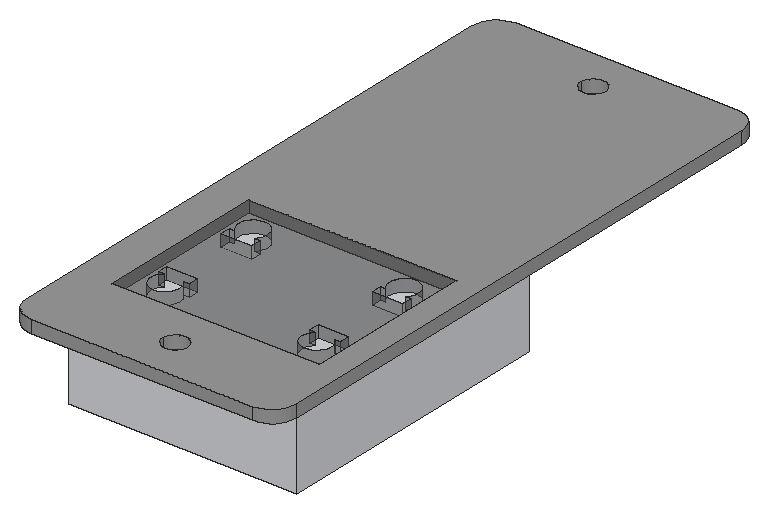
Revit family "ElectricalFixture_WiringAccessories_Hager_Sollysta_FlatPlateShaverSocket", category Electrical Fixtures, host Face, Revit 2015
Parameters (values of type "WFSO100BNB")
  Warranty ID = ""
  Voltage (Volts) = "230V/240V"
  Unique Reference = "WFSO100BNB"
  Type = "ElectricalFixture"
  Technical Description = Description  # "115/230VShaverOutletBlackNickelBlackInsert"
  Switch = yes
  Supply Phase = "1"
  Size = ""
  Shipping Weight kg = "0.188"
  Shape = "Rectangular"
  Reference Standard = "BS 1363-2"
  Product URL = "http://www.hager.co.uk/product-catalogue/wiring-accessories/sollysta/white-moulded/white-moulded-sockets/58428.htm"
  Product Range = "Sollysta"
  Product Model Number = Unique Reference  # "WFSO100BNB"
  Product Literature = "http://www.hager.co.uk/product-catalogue/wiring-accessories/sollysta/38662.htm"
  Product Group = "WiringAccessories"
  Product Family = "DecorativeShaverSocket_115/230VShaverSocket"
  Packaging Recyclable = yes
  Overall Width = 86.0 mm
  Overall Length = 65.0 mm
  Overall Height = 146.0 mm
  Overall Depth = 21.07 mm
  Operation and Maintenance Manual = ""
  Name = "DecorativeShaverSocket_WFSO100PBW"
  Measurement Units = "mm"
  Material = Hager_BlackNickel
  Manufacturer Website = "http://www.hager.co.uk/"
  Manufacturer Country = "United Kingdom"
  Manufacturer = "Hager"
  LED Indicator Switch = yes
  Insert Material = Hager_BlackInsert
  Gross Weight kg = "0.165"
  Frequency = "50/60Hz"
  Finish = "BlackNickel"
  Features = Description  # "115/230VShaverOutletBlackNickelBlackInsert"
  Extrusion From Wall = 3.0 mm  # constant formula
  Expected Life = "25 years"
  EAN Code = "5015654744588"
  Distance From Edge = 63.59 mm
  Distance From Centre = 22.393 mm
  Design Country = "China"
  Description = "115/230VShaverOutletBlackNickelBlackInsert"
  Default Elevation = 1219.2 mm
  Colour = "BlackNickel"
  CE Approval = yes
Types (7, lengths in mm): name | Unique Reference | Technical Description | Product Model Number | Name | Material | Insert Material | Finish | Features | EAN Code | Description | Colour
  WFSO100PSW | "WFSO100PSW" | "115/230VShaverOutletPolishedSteelWhiteInsert" | "WFSO100PSW" | "DecorativeShaverSocket_WFSO100PSW" | Hager_PolishedSteel | Hager_WhiteInsert | "Polished" | "115/230VShaverOutletPolishedSteelWhiteInsert" | "5015654744465" | "115/230VShaverOutletPolishedSteelWhiteInsert" | "PolishedSteel"
  WFSO100BSW | "WFSO100BSW" | "115/230VShaverOutletBrushedSteelWhiteInsert" | "WFSO100BSW" | "DecorativeShaverSocket_WFSO100BSW" | Hager_BrushedSteel | Hager_WhiteInsert | "Brushed" | "115/230VShaverOutletBrushedSteelWhiteInsert" | "5015654744502" | "115/230VShaverOutletBrushedSteelWhiteInsert" | "BrushedSteel"
  WFSO100PBW | "WFSO100PBW" | "115/230VShaverOutletPolishedBrassWhiteInsert" | "WFSO100PBW" | "DecorativeShaverSocket_WFSO100PBW" | Hager_PolishedBrass | Hager_WhiteInsert | "Polished" | "115/230VShaverOutletPolishedBrassWhiteInsert" | "5015654744540" | "115/230VShaverOutletPolishedBrassWhiteInsert" | "PolishedBrass"
  WFSO100BNB | "WFSO100BNB" | "115/230VShaverOutletBlackNickelBlackInsert" | "WFSO100BNB" | "DecorativeShaverSocket_WFSO100PBW" | Hager_BlackNickel | Hager_BlackInsert | "BlackNickel" | "115/230VShaverOutletBlackNickelBlackInsert" | "5015654744588" | "115/230VShaverOutletBlackNickelBlackInsert" | "BlackNickel"
  WFSO100BSB | "WFSO100BSB" | "115/230VShaverOutletBrushedSteelBlackInsert" | "WFSO100BSB" | "DecorativeShaverSocket_WFSO100BSB" | Hager_BrushedSteel | Hager_BlackInsert | "Brushed" | "115/230VShaverOutletBrushedSteelBlackInsert" | "5015654744526" | "115/230VShaverOutletBrushedSteelBlackInsert" | "BrushedSteel"
  WFSO100PBB | "WFSO100PBB" | "115/230VShaverOutletPolishedBrassBlackInsert" | "WFSO100PBB" | "DecorativeShaverSocket_WFSO100PBB" | Hager_PolishedBrass | Hager_BlackInsert | "Polished" | "115/230VShaverOutletPolishedBrassBlackInsert" | "5015654744564" | "115/230VShaverOutletPolishedBrassBlackInsert" | "PolishedBrass"
  WFSO100PSB | "WFSO100PSB" | "115/230VShaverOutletPolishedSteelBlackInsert" | "WFSO100PSB" | "DecorativeShaverSocket_WFSO100PSB" | Hager_PolishedSteel | Hager_WhiteInsert | "Polished" | "115/230VShaverOutletPolishedSteelBlackInsert" | "5015654744489" | "115/230VShaverOutletPolishedSteelBlackInsert" | "PolishedSteel"
Reference planes
  plane 1 "Center (Front/Back)": y = 0
  plane 2: z = 0
  plane 3 "Center (Left/Right)": x = 0
  plane 4: y = -73
  plane 5: y = 73
  plane 6: x = -32.5
  plane 7: x = 32.5
  plane 8: z = 3
  plane 9: z = -18.07
  plane 10: z = 3
  plane 11: y = -471.393
  plane 12: z = -20.53
  plane 13: y = -63
  plane 14: y = 63
Forms (mm)
  Extrusion 1, solid, material "Hager_BlackNickel" <- "Material", detail levels medium
    sketch origin (0, 0, 0) x (1, 0, 0) y (0, 1, 0)
      loop
        line (-32.5, 73) -> (-32.5, -73) -> (32.5, -73) -> (32.5, 73) -> (-32.5, 73)
    from 0 to 3
  Extrusion 2, solid, material "Hager_BlackNickel" <- "Material", detail levels medium+fine
    sketch origin (0, 0, 0) x (1, 0, 0) y (0, 1, 0)
      loop
        line (-32.5, 67.146) -> (-32.5, -67.146)
        arc (-32.5, -67.146) -> (-30.785, -71.285) -> (-26.646, -73) r 5.854
        line (-26.646, -73) -> (26.646, -73)
        arc (26.646, -73) -> (30.785, -71.285) -> (32.5, -67.146) r 5.854
        line (32.5, -67.146) -> (32.5, 67.146)
        arc (32.5, 67.146) -> (30.785, 71.285) -> (26.646, 73) r 5.854
        line (26.646, 73) -> (-26.646, 73)
        arc (-26.646, 73) -> (-30.785, 71.285) -> (-32.5, 67.146) r 5.854
      loop
        circle (0, 63) r 3
      loop
        circle (0, -63) r 3
      loop
        line (-23.582, -11.277) -> (-23.582, -52.606) -> (26.418, -52.606) -> (26.418, -11.277) -> (-23.582, -11.277)
    from 0 to 3
  Extrusion 3, solid
    sketch origin (0, 0, 0) x (1, 0, 0) y (0, 1, 0)
      loop
        line (-26.991, -61.302) -> (28.009, -61.302) -> (28.009, 8.698) -> (-26.991, 8.698) -> (-26.991, -61.302)
    from -20.53 to 0
  Extrusion 4, solid, material "Hager_BlackInsert" <- "Insert Material", detail levels fine
    sketch origin (0, 0, 0) x (1, 0, 0) y (0, 1, 0)
      loop
        line (-23.582, -52.606) -> (26.418, -52.606) -> (26.418, -11.277) -> (-23.582, -11.277) -> (-23.582, -52.606)
      loop
        line (-12.06, -24.842) -> (-12.06, -22.314) -> (-13.375, -22.314)
        arc (-13.375, -22.314) -> (-15.793, -16.263) -> (-18.138, -22.342) r 3.5
        line (-18.138, -22.342) -> (-19.487, -22.342) -> (-19.487, -24.842) -> (-12.06, -24.842)
      loop
        arc (-18.138, -43.659) -> (-15.793, -49.739) -> (-13.375, -43.688) r 3.5
        line (-13.375, -43.688) -> (-12.06, -43.688) -> (-12.06, -41.159) -> (-19.487, -41.159) -> (-19.487, -43.659) -> (-18.138, -43.659)
      loop
        line (22.85, -43.37) -> (24.2, -43.37) -> (24.2, -40.87) -> (16.772, -40.87) -> (16.772, -43.399) -> (18.088, -43.399)
        arc (18.088, -43.399) -> (20.505, -49.449) -> (22.85, -43.37) r 3.5
      loop
        line (24.2, -24.553) -> (24.2, -22.053) -> (22.85, -22.053)
        arc (22.85, -22.053) -> (20.505, -15.974) -> (18.088, -22.024) r 3.5
        line (18.088, -22.024) -> (16.772, -22.024) -> (16.772, -24.553) -> (24.2, -24.553)
    from 0 to 3
Lines and regions (mm)
  model lines
    curve 1: line (-32.5, 67.146, 0) -> (-32.5, -67.146, 0)
    curve 2: line (-26.646, -73, 0) -> (26.646, -73, 0)
    curve 3: arc (-32.5, -67.146, 0) -> (-30.785, -71.285, 0) -> (-26.646, -73, 0) r 5.854
    curve 4: arc (-26.646, 73, 0) -> (-30.785, 71.285, 0) -> (-32.5, 67.146, 0) r 5.854
    curve 5: line (26.646, 73, 0) -> (-26.646, 73, 0)
    curve 6: arc (32.5, 67.146, 0) -> (30.785, 71.285, 0) -> (26.646, 73, 0) r 5.854
    curve 7: line (32.5, -67.146, 0) -> (32.5, 67.146, 0)
    curve 8: arc (26.646, -73, 0) -> (30.785, -71.285, 0) -> (32.5, -67.146, 0) r 5.854
    curve 9: arc (-13.375, -43.688, 0) -> (-15.793, -49.739, 0) -> (-18.138, -43.659, 0) r 3.5
    curve 10: line (-19.487, -41.159, 0) -> (-12.06, -41.159, 0)
    curve 11: line (-12.06, -41.159, 0) -> (-12.06, -43.688, 0)
    curve 12: line (-12.06, -43.688, 0) -> (-13.375, -43.688, 0)
    curve 13: arc (-13.375, -43.688, 0) -> (-15.793, -49.739, 0) -> (-18.138, -43.659, 0) r 3.5
    curve 14: line (-18.138, -43.659, 0) -> (-19.487, -43.659, 0)
    curve 15: line (-19.487, -43.659, 0) -> (-19.487, -41.159, 0)
    curve 16: line (16.772, -40.87, 0) -> (24.2, -40.87, 0)
    curve 17: line (24.2, -40.87, 0) -> (24.2, -43.37, 0)
    curve 18: line (24.2, -43.37, 0) -> (22.85, -43.37, 0)
    curve 19: arc (22.85, -43.37, 0) -> (20.505, -49.449, 0) -> (18.088, -43.399, 0) r 3.5
    curve 20: line (18.088, -43.399, 0) -> (16.772, -43.399, 0)
    curve 21: line (16.772, -43.399, 0) -> (16.772, -40.87, 0)
    curve 22: line (24.2, -24.553, 0) -> (16.772, -24.553, 0)
    curve 23: line (16.772, -24.553, 0) -> (16.772, -22.024, 0)
    curve 24: line (16.772, -22.024, 0) -> (18.088, -22.024, 0)
    curve 25: arc (18.088, -22.024, 0) -> (20.505, -15.974, 0) -> (22.85, -22.053, 0) r 3.5
    curve 26: line (22.85, -22.053, 0) -> (24.2, -22.053, 0)
    curve 27: line (24.2, -22.053, 0) -> (24.2, -24.553, 0)
    curve 28: line (-12.06, -24.842, 0) -> (-19.487, -24.842, 0)
    curve 29: line (-19.487, -24.842, 0) -> (-19.487, -22.342, 0)
    curve 30: line (-19.487, -22.342, 0) -> (-18.138, -22.342, 0)
    curve 31: arc (-18.138, -22.342, 0) -> (-15.793, -16.263, 0) -> (-13.375, -22.314, 0) r 3.5
    curve 32: line (-13.375, -22.314, 0) -> (-12.06, -22.314, 0)
    curve 33: line (-12.06, -22.314, 0) -> (-12.06, -24.842, 0)
    curve 38: arc (3, 63, 0) -> (0, 60, 0) -> (-3, 63, 0) r 3
    curve 39: arc (-3, 63, 0) -> (0, 66, 0) -> (3, 63, 0) r 3
    curve 40: arc (3, -63, 0) -> (0, -66, 0) -> (-3, -63, 0) r 3
    curve 41: arc (-3, -63, 0) -> (0, -60, 0) -> (3, -63, 0) r 3
  model lines, detail levels fine
    curve 34: line (-3, -9.095, 0) -> (3, -9.095, 0)
    curve 35: line (3, -9.095, 0) -> (3, -4.095, 0)
    curve 36: line (3, -4.095, 0) -> (-3, -4.095, 0)
    curve 37: line (-3, -4.095, 0) -> (-3, -9.095, 0)
Dimensions and locks
  "Overall Length": plane 6 to plane 7
  "Overall Height": plane 4 to plane 5
  "Overall Depth": plane 9 to plane 8
  "Extrusion From Wall": plane 2 to plane 10
  equal spacing: plane 4, plane 1 "Center (Front/Back)", plane 5
  equal spacing: plane 6, plane 3 "Center (Left/Right)", plane 7
  "Extrusion From Wall": plane 8 to plane 2
  aligned and locked: plane 2 to host face
  aligned and locked: level to host face
  aligned and locked: Extrusion 1 sketch curve to plane 6
  aligned and locked: Extrusion 1 sketch curve to plane 4
  aligned and locked: Extrusion 1 sketch curve to plane 7
  aligned and locked: Extrusion 1 sketch curve to plane 5
  aligned and locked: Extrusion 1 to plane 8
  aligned and locked: Extrusion 1 to level
  aligned and locked: plane 7 to curve 7
  aligned and locked: Extrusion 2 sketch curve to plane 6
  aligned and locked: Extrusion 2 sketch curve to plane 4
  aligned and locked: Extrusion 2 sketch curve to plane 7
  aligned and locked: Extrusion 2 sketch curve to plane 5
  aligned and locked: Extrusion 2 to plane 8
  aligned and locked: plane 12 to Extrusion 3
  aligned and locked: level to Extrusion 3
  aligned and locked: Extrusion 4 to plane 8
  aligned and locked: Extrusion 4 to level
Automatic sketch dimensions
  host sketch curve to host sketch curve = 2438.4 mm  (x2)
  curve 1 to plane 6 = 0.0 mm
  plane 4 to curve 2 = 0.0 mm
  plane 5 to curve 4 = 0.0 mm
  curve 3 to plane 4 = 5.854 mm
  plane 5 to curve 4 = 5.854 mm
  curve 6 to curve 6 = 5.854 mm
  curve 8 to plane 4 = 5.854 mm
  Extrusion 2 sketch curve to plane 3 "Center (Left/Right)" = 0.0 mm  (x2)
  Extrusion 2 sketch curve to plane 13 = 0.0 mm
  Extrusion 2 sketch curve to plane 14 = 0.0 mm
  plane 6 to Extrusion 2 sketch curve = 5.854 mm  (x2)
  Extrusion 2 sketch curve to plane 7 = 5.854 mm
  plane 14 to Extrusion 2 sketch curve = 4.146 mm
  curve 9 to curve 9 = 2.366 mm
  curve 9 to curve 9 = 2.396 mm
  curve 9 to curve 13 = 0.0 mm
  curve 14 to curve 13 = 1.35 mm
  curve 12 to curve 11 = 1.316 mm
  curve 14 to curve 15 = 2.5 mm
  curve 21 to plane 7 = 15.728 mm
  curve 20 to curve 20 = 1.316 mm
  curve 19 to curve 19 = 2.396 mm
  curve 19 to curve 18 = 2.366 mm
  curve 18 to curve 17 = 1.35 mm
  plane 13 to curve 19 = 17.051 mm
  curve 19 to curve 21 = 2.551 mm
  curve 20 to curve 21 = 2.529 mm
  curve 22 to plane 7 = 15.728 mm
  curve 24 to curve 24 = 1.316 mm
  curve 24 to curve 25 = 2.396 mm
  curve 25 to curve 26 = 2.366 mm
  curve 26 to curve 27 = 1.35 mm
  curve 16 to curve 22 = 16.317 mm
  curve 22 to curve 27 = 2.5 mm
  curve 22 to curve 24 = 2.529 mm
  plane 6 to curve 29 = 13.013 mm
  curve 29 to curve 30 = 1.35 mm
  curve 31 to curve 31 = 2.366 mm
  curve 31 to curve 32 = 2.396 mm
  curve 31 to curve 32 = 1.316 mm
  curve 10 to curve 28 = 16.317 mm
  curve 28 to curve 29 = 2.5 mm
  curve 28 to curve 33 = 2.529 mm
  curve 37 to plane 3 "Center (Left/Right)" = 3.0 mm
  plane 3 "Center (Left/Right)" to curve 35 = 3.0 mm
  plane 1 "Center (Front/Back)" to curve 34 = 9.095 mm
  plane 1 "Center (Front/Back)" to curve 36 = 4.095 mm
  curve 39 to plane 14 = 0.0 mm
  curve 38 to plane 3 "Center (Left/Right)" = 0.0 mm
  curve 39 to curve 38 = 3.0 mm
  curve 40 to curve 41 = 0.0 mm  (x2)
  curve 41 to plane 13 = 0.0 mm
  curve 40 to plane 3 "Center (Left/Right)" = 0.0 mm
  curve 41 to curve 40 = 3.0 mm
  plane 6 to Extrusion 3 sketch curve = 5.509 mm
  Extrusion 3 sketch curve to plane 7 = 4.491 mm
  plane 13 to Extrusion 3 sketch curve = 1.698 mm
  Extrusion 3 sketch curve to plane 1 "Center (Front/Back)" = 8.698 mm
  plane 6 to Extrusion 4 sketch curve = 8.918 mm
  Extrusion 4 sketch curve to plane 7 = 6.082 mm
  plane 13 to Extrusion 4 sketch curve = 10.394 mm
  plane 1 "Center (Front/Back)" to Extrusion 4 sketch curve = 11.277 mm
  Extrusion 4 sketch curve to Extrusion 4 sketch curve = 4.095 mm  (x2)
  Extrusion 4 sketch curve to Extrusion 4 sketch curve = 1.35 mm  (x4)
  Extrusion 4 sketch curve to Extrusion 4 sketch curve = 2.366 mm  (x4)
  Extrusion 4 sketch curve to Extrusion 4 sketch curve = 2.396 mm  (x3)
  Extrusion 4 sketch curve to Extrusion 4 sketch curve = 1.316 mm  (x4)
  Extrusion 4 sketch curve to Extrusion 4 sketch curve = 13.565 mm
  Extrusion 4 sketch curve to Extrusion 4 sketch curve = 2.5 mm  (x3)
  Extrusion 4 sketch curve to Extrusion 4 sketch curve = 2.529 mm  (x3)
  Extrusion 4 sketch curve to Extrusion 4 sketch curve = 7.427 mm
  Extrusion 4 sketch curve to Extrusion 4 sketch curve = 8.918 mm
  Extrusion 4 sketch curve to Extrusion 4 sketch curve = 0.029 mm
  Extrusion 4 sketch curve to Extrusion 4 sketch curve = 9.646 mm  (x2)
  Extrusion 4 sketch curve to Extrusion 4 sketch curve = 6.657 mm
  Extrusion 4 sketch curve to Extrusion 4 sketch curve = 2.551 mm
  Extrusion 4 sketch curve to Extrusion 4 sketch curve = 13.276 mm
  plane 6 to Extrusion 2 sketch curve = 8.918 mm
  Extrusion 2 sketch curve to plane 7 = 6.082 mm
  plane 13 to Extrusion 2 sketch curve = 10.394 mm
  plane 1 "Center (Front/Back)" to Extrusion 2 sketch curve = 11.277 mm
  radius of Extrusion 2 sketch curve = 3.0 mm  (x2)
Nested families
  nested 1: "LED Switch" at (115.776, 36.364, 0), type "LED Switch"
  nested 2: "LED Switch" at (-1946.613, 203, 0), type "LED Switch"
Definition of nested family "LED Switch"
  Parameters (values of type "LED Switch")
    LED Indicator Switch = no
  Reference planes
    plane 1 "Center (Front/Back)": y = 0
    plane 2: z = 0
    plane 3 "Center (Left/Right)": x = 0
  Forms (mm)
    Extrusion 1, solid, visible <- "LED Indicator Switch", detail levels fine
      sketch origin (-4.952, -17.415, 4.745) x (-1, 0, 0) y (0, -0.987688, 0.156434)
        loop
          line (-2.778, -29.269) -> (-7.654, -29.269) -> (-7.654, -32.25) -> (-2.778, -32.25) -> (-2.778, -29.269)
      from 0 to 8.633
    Extrusion 2, solid, visible <- "LED Indicator Switch", detail levels fine
      sketch origin (-74.952, -18.168, 4.067) x (-1, 0, 0) y (0, -0.987688, 0.156434)
        loop
          line (-82.054, -8.53) -> (-82.054, -29.653)
          arc (-82.054, -29.653) -> (-81.106, -31.94) -> (-78.819, -32.888) r 3.235
          line (-78.819, -32.888) -> (-77.654, -32.888) -> (-77.654, -29.907) -> (-75.259, -29.907) -> (-72.778, -29.907) -> (-72.778, -32.888) -> (-71.698, -32.888)
          arc (-71.698, -32.888) -> (-69.359, -31.919) -> (-68.39, -29.58) r 3.308
          line (-68.39, -29.58) -> (-68.39, -8.616)
          arc (-68.39, -8.616) -> (-69.351, -6.296) -> (-71.671, -5.335) r 3.281
          line (-71.671, -5.335) -> (-78.859, -5.335)
          arc (-78.859, -5.335) -> (-81.118, -6.271) -> (-82.054, -8.53) r 3.194
      from 0 to 9.42
  Dimensions and locks
    aligned and locked: level to plane 2
